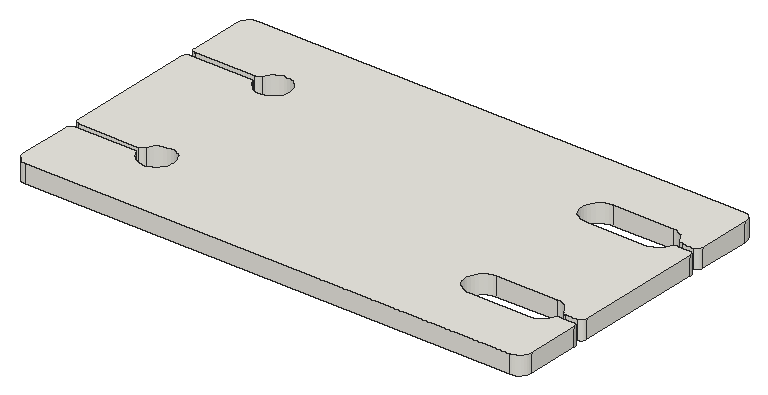
Revit family "Haworth_Lyda_AlignmentBracket", category Furniture, Revit 2018
Family settings
  OmniClass Number = 23.40.70.14.64.21
  OmniClass Title = Systems Furniture
  Work Plane-Based = No
  Always vertical = Yes
  Cut with Voids When Loaded = No
  Shared = No
  Room Calculation Point = No
Parameters (values of type "Bracket")
  Warranty = "http://www.haworth.com/resources/product-info/warranties"
  URL - Product = "https://www.haworth.com/na/en/products/lounge-sofas/ottomans/lydalounge.html"
  URL = "www.haworth.com"
  Sustainability Info = "https://www.haworth.com/company-info/sustainability"
  Standard Width = "3 in."  # constant formula
  Standard Depth = "5 in."  # constant formula
  Size = "Verify Final Dim. w/ Haworth"  # constant formula
  Revision Number = "1"  # constant formula
  Model = "HCCL-LYA"  # constant formula
  Manufacturer = "Haworth"  # constant formula
  Description = "Haworth - Lyda - Alignment Bracket"  # constant formula
  Bracket Finish [instance] = Haworth _ Paint _ Smooth Plaster
  Author = "Haworth (Abd Rahman)"  # constant formula
  Assembly Code = "E2020200"
  Actual Width = 5 1/4"  # constant formula
  Actual Height = 3" / 16  # 3/16"
  Actual Depth = 3"  # constant formula
Reference planes (in)
  plane 1: z = 0
  plane 2 "Center L/R": x = -6.17556
  plane 3 "Center F/B": y = -11.5
  plane 4 "Top": z = 0.1875
  plane 5 "Back": y = -10
  plane 6 "Front": y = -13
  plane 7 "Right": x = -3.55056
  plane 8 "Left": x = -8.80056
Forms (in)
  Extrusion 1, solid, material "Haworth _ Paint _ Smooth Plaster" <- "Bracket Finish"
    sketch origin (0, 0, 0) x (1, 0, 0) y (0, 1, 0)
      loop
        line (-3.67556, -10) -> (-8.67357, -10)
        arc (-8.67357, -10) -> (-8.76337, -10.03719) -> (-8.80056, -10.12698) r 0.12698
        line (-8.80056, -10.12698) -> (-8.80056, -10.66925)
        arc (-8.80056, -10.66925) -> (-8.78606, -10.70425) -> (-8.75105, -10.71875) r 0.0495
        line (-8.75105, -10.71875) -> (-8.13501, -10.71875)
        arc (-8.13501, -10.71875) -> (-8.10716, -10.7101) -> (-8.08911, -10.6872) r 0.04916
        arc (-8.08911, -10.6872) -> (-7.75004, -10.74957) -> (-8.0888, -10.81361) r 0.17535
        arc (-8.0888, -10.81361) -> (-8.10746, -10.79011) -> (-8.13612, -10.78125) r 0.05078
        line (-8.13612, -10.78125) -> (-8.75116, -10.78125)
        arc (-8.75116, -10.78125) -> (-8.78609, -10.79572) -> (-8.80056, -10.83064) r 0.04939
        line (-8.80056, -10.83064) -> (-8.80056, -12.1699)
        arc (-8.80056, -12.1699) -> (-8.78625, -12.20444) -> (-8.7517, -12.21875) r 0.04885
        line (-8.7517, -12.21875) -> (-8.13559, -12.21875)
        arc (-8.13559, -12.21875) -> (-8.10774, -12.2101) -> (-8.08969, -12.1872) r 0.04916
        arc (-8.08969, -12.1872) -> (-7.75062, -12.24957) -> (-8.08938, -12.31361) r 0.17535
        arc (-8.08938, -12.31361) -> (-8.10803, -12.29011) -> (-8.1367, -12.28125) r 0.05078
        line (-8.1367, -12.28125) -> (-8.74962, -12.28125)
        arc (-8.74962, -12.28125) -> (-8.78564, -12.29617) -> (-8.80056, -12.33219) r 0.05094
        line (-8.80056, -12.33219) -> (-8.80056, -12.875)
        arc (-8.80056, -12.875) -> (-8.76395, -12.96339) -> (-8.67556, -13) r 0.125
        line (-8.67556, -13) -> (-3.67556, -13)
        arc (-3.67556, -13) -> (-3.58717, -12.96339) -> (-3.55056, -12.875) r 0.125
        line (-3.55056, -12.875) -> (-3.55056, -12.33074)
        arc (-3.55056, -12.33074) -> (-3.56505, -12.29575) -> (-3.60005, -12.28125) r 0.04949
        line (-3.60005, -12.28125) -> (-3.72463, -12.28125)
        arc (-3.72463, -12.28125) -> (-3.75452, -12.29046) -> (-3.77404, -12.3149) r 0.0531
        arc (-3.77404, -12.3149) -> (-3.78533, -12.33833) -> (-3.79993, -12.35987) r 0.177
        arc (-3.79993, -12.35987) -> (-3.86073, -12.40802) -> (-3.93637, -12.4252) r 0.17515
        line (-3.93637, -12.4252) -> (-4.56014, -12.4252)
        arc (-4.56014, -12.4252) -> (-4.73534, -12.25) -> (-4.56014, -12.0748) r 0.1752
        line (-4.56014, -12.0748) -> (-3.93637, -12.0748)
        arc (-3.93637, -12.0748) -> (-3.86071, -12.092) -> (-3.79993, -12.14023) r 0.17499
        arc (-3.79993, -12.14023) -> (-3.7851, -12.16181) -> (-3.77366, -12.18535) r 0.17539
        arc (-3.77366, -12.18535) -> (-3.7542, -12.20961) -> (-3.72447, -12.21875) r 0.05291
        line (-3.72447, -12.21875) -> (-3.60038, -12.21875)
        arc (-3.60038, -12.21875) -> (-3.56515, -12.20416) -> (-3.55056, -12.16892) r 0.04983
        line (-3.55056, -12.16892) -> (-3.55056, -10.83226)
        arc (-3.55056, -10.83226) -> (-3.5655, -10.79619) -> (-3.60157, -10.78125) r 0.05101
        line (-3.60157, -10.78125) -> (-3.72277, -10.78125)
        arc (-3.72277, -10.78125) -> (-3.75266, -10.79046) -> (-3.77218, -10.8149) r 0.0531
        arc (-3.77218, -10.8149) -> (-3.78346, -10.83834) -> (-3.79806, -10.85987) r 0.177
        arc (-3.79806, -10.85987) -> (-3.85886, -10.90802) -> (-3.9345, -10.9252) r 0.17515
        line (-3.9345, -10.9252) -> (-4.55828, -10.9252)
        arc (-4.55828, -10.9252) -> (-4.73347, -10.75) -> (-4.55828, -10.5748) r 0.1752
        line (-4.55828, -10.5748) -> (-3.9345, -10.5748)
        arc (-3.9345, -10.5748) -> (-3.85884, -10.592) -> (-3.79806, -10.64023) r 0.17499
        arc (-3.79806, -10.64023) -> (-3.78323, -10.66181) -> (-3.77179, -10.68535) r 0.17539
        arc (-3.77179, -10.68535) -> (-3.75233, -10.70961) -> (-3.72261, -10.71875) r 0.05291
        line (-3.72261, -10.71875) -> (-3.60028, -10.71875)
        arc (-3.60028, -10.71875) -> (-3.56512, -10.70419) -> (-3.55056, -10.66903) r 0.04972
        line (-3.55056, -10.66903) -> (-3.55056, -10.125)
        arc (-3.55056, -10.125) -> (-3.58717, -10.03661) -> (-3.67556, -10) r 0.125
    from 0 to 0.1875
Lines and regions (in)
  Masking region 1
    outline origin (0, 0, 0) x (1, 0, 0) y (0, 1, 0)
      loop
        line (-3.67556, -10) -> (-8.67357, -10)
        arc (-8.67357, -10) -> (-8.76337, -10.03719) -> (-8.80056, -10.12698) r 0.12698
        line (-8.80056, -10.12698) -> (-8.80056, -10.66925)
        arc (-8.80056, -10.66925) -> (-8.78606, -10.70425) -> (-8.75105, -10.71875) r 0.0495
        line (-8.75105, -10.71875) -> (-8.13501, -10.71875)
        arc (-8.13501, -10.71875) -> (-8.10716, -10.7101) -> (-8.08911, -10.6872) r 0.04916
        arc (-8.08911, -10.6872) -> (-7.75004, -10.74957) -> (-8.0888, -10.81361) r 0.17535
        arc (-8.0888, -10.81361) -> (-8.10746, -10.79011) -> (-8.13612, -10.78125) r 0.05078
        line (-8.13612, -10.78125) -> (-8.75116, -10.78125)
        arc (-8.75116, -10.78125) -> (-8.78609, -10.79572) -> (-8.80056, -10.83064) r 0.04939
        line (-8.80056, -10.83064) -> (-8.80056, -12.1699)
        arc (-8.80056, -12.1699) -> (-8.78625, -12.20444) -> (-8.7517, -12.21875) r 0.04885
        line (-8.7517, -12.21875) -> (-8.13559, -12.21875)
        arc (-8.13559, -12.21875) -> (-8.10774, -12.2101) -> (-8.08969, -12.1872) r 0.04916
        arc (-8.08969, -12.1872) -> (-7.75062, -12.24957) -> (-8.08938, -12.31361) r 0.17535
        arc (-8.08938, -12.31361) -> (-8.10803, -12.29011) -> (-8.1367, -12.28125) r 0.05078
        line (-8.1367, -12.28125) -> (-8.74962, -12.28125)
        arc (-8.74962, -12.28125) -> (-8.78564, -12.29617) -> (-8.80056, -12.33219) r 0.05094
        line (-8.80056, -12.33219) -> (-8.80056, -12.875)
        arc (-8.80056, -12.875) -> (-8.76395, -12.96339) -> (-8.67556, -13) r 0.125
        line (-8.67556, -13) -> (-3.67556, -13)
        arc (-3.67556, -13) -> (-3.58717, -12.96339) -> (-3.55056, -12.875) r 0.125
        line (-3.55056, -12.875) -> (-3.55056, -12.33074)
        arc (-3.55056, -12.33074) -> (-3.56505, -12.29575) -> (-3.60005, -12.28125) r 0.04949
        line (-3.60005, -12.28125) -> (-3.72463, -12.28125)
        arc (-3.72463, -12.28125) -> (-3.75452, -12.29046) -> (-3.77404, -12.3149) r 0.0531
        arc (-3.77404, -12.3149) -> (-3.78533, -12.33833) -> (-3.79993, -12.35987) r 0.177
        arc (-3.79993, -12.35987) -> (-3.86073, -12.40802) -> (-3.93637, -12.4252) r 0.17515
        line (-3.93637, -12.4252) -> (-4.56014, -12.4252)
        arc (-4.56014, -12.4252) -> (-4.73534, -12.25) -> (-4.56014, -12.0748) r 0.1752
        line (-4.56014, -12.0748) -> (-3.93637, -12.0748)
        arc (-3.93637, -12.0748) -> (-3.86071, -12.092) -> (-3.79993, -12.14023) r 0.17499
        arc (-3.79993, -12.14023) -> (-3.7851, -12.16181) -> (-3.77366, -12.18535) r 0.17539
        arc (-3.77366, -12.18535) -> (-3.7542, -12.20961) -> (-3.72447, -12.21875) r 0.05291
        line (-3.72447, -12.21875) -> (-3.60038, -12.21875)
        arc (-3.60038, -12.21875) -> (-3.56515, -12.20416) -> (-3.55056, -12.16892) r 0.04983
        line (-3.55056, -12.16892) -> (-3.55056, -10.83226)
        arc (-3.55056, -10.83226) -> (-3.5655, -10.79619) -> (-3.60157, -10.78125) r 0.05101
        line (-3.60157, -10.78125) -> (-3.72277, -10.78125)
        arc (-3.72277, -10.78125) -> (-3.75266, -10.79046) -> (-3.77218, -10.8149) r 0.0531
        arc (-3.77218, -10.8149) -> (-3.78346, -10.83834) -> (-3.79806, -10.85987) r 0.177
        arc (-3.79806, -10.85987) -> (-3.85886, -10.90802) -> (-3.9345, -10.9252) r 0.17515
        line (-3.9345, -10.9252) -> (-4.55828, -10.9252)
        arc (-4.55828, -10.9252) -> (-4.73347, -10.75) -> (-4.55828, -10.5748) r 0.1752
        line (-4.55828, -10.5748) -> (-3.9345, -10.5748)
        arc (-3.9345, -10.5748) -> (-3.85884, -10.592) -> (-3.79806, -10.64023) r 0.17499
        arc (-3.79806, -10.64023) -> (-3.78323, -10.66181) -> (-3.77179, -10.68535) r 0.17539
        arc (-3.77179, -10.68535) -> (-3.75233, -10.70961) -> (-3.72261, -10.71875) r 0.05291
        line (-3.72261, -10.71875) -> (-3.60028, -10.71875)
        arc (-3.60028, -10.71875) -> (-3.56512, -10.70419) -> (-3.55056, -10.66903) r 0.04972
        line (-3.55056, -10.66903) -> (-3.55056, -10.125)
        arc (-3.55056, -10.125) -> (-3.58717, -10.03661) -> (-3.67556, -10) r 0.125
Dimensions and locks (in)
  equal spacing: plane 8 "Left", plane 2 "Center L/R", plane 7 "Right"
  "Actual Width": plane 8 "Left" to plane 7 "Right"
  equal spacing: plane 5 "Back", plane 3 "Center F/B", plane 6 "Front"
  "Actual Depth": plane 5 "Back" to plane 6 "Front"
  "Actual Height": plane 4 "Top" to plane 1
  aligned and locked: plane 4 "Top" to Extrusion 1
Automatic sketch dimensions
  Extrusion 1 sketch curve to plane 8 "Left" = 0"  (x3)
  Extrusion 1 sketch curve to plane 6 "Front" = 0"
  Extrusion 1 sketch curve to plane 5 "Back" = 0"
  Extrusion 1 sketch curve to plane 7 "Right" = 0"  (x3)
  plane 8 "Left" to Extrusion 1 sketch curve = 0.04885"
  plane 8 "Left" to Extrusion 1 sketch curve = 0.04939"
  plane 8 "Left" to Extrusion 1 sketch curve = 0.0495"
  Extrusion 1 sketch curve to Extrusion 1 sketch curve = 0.05094"
  plane 8 "Left" to Extrusion 1 sketch curve = 1/8"
  plane 8 "Left" to Extrusion 1 sketch curve = 0.12698"
  Extrusion 1 sketch curve to Extrusion 1 sketch curve = 0.61292"
  Extrusion 1 sketch curve to Extrusion 1 sketch curve = 0.61504"
  Extrusion 1 sketch curve to Extrusion 1 sketch curve = 0.00111"  (x2)
  Extrusion 1 sketch curve to Extrusion 1 sketch curve = 0.20962"  (x2)
  plane 6 "Front" to Extrusion 1 sketch curve = 0.5748"
  Extrusion 1 sketch curve to plane 7 "Right" = 1.00959"
  Extrusion 1 sketch curve to plane 7 "Right" = 1.00772"
  Extrusion 1 sketch curve to plane 7 "Right" = 0.38817"
  Extrusion 1 sketch curve to plane 7 "Right" = 0.38631"
  Extrusion 1 sketch curve to Extrusion 1 sketch curve = 0.00205"  (x2)
  Extrusion 1 sketch curve to Extrusion 1 sketch curve = 0.00031"  (x2)
  Extrusion 1 sketch curve to Extrusion 1 sketch curve = 0"  (x10)
  Extrusion 1 sketch curve to plane 7 "Right" = 0.17408"
  Extrusion 1 sketch curve to Extrusion 1 sketch curve = 0.00016"  (x2)
  Extrusion 1 sketch curve to plane 7 "Right" = 0.17221"
  Extrusion 1 sketch curve to plane 7 "Right" = 1/8"
  Extrusion 1 sketch curve to plane 5 "Back" = 1/8"
  Extrusion 1 sketch curve to plane 7 "Right" = 0.05101"
  Extrusion 1 sketch curve to plane 7 "Right" = 0.04983"
  Extrusion 1 sketch curve to plane 7 "Right" = 0.04972"
  Extrusion 1 sketch curve to plane 7 "Right" = 0.04949"
  Extrusion 1 sketch curve to Extrusion 1 sketch curve = 0.09085"  (x2)
  Extrusion 1 sketch curve to Extrusion 1 sketch curve = 0.54281"
  Extrusion 1 sketch curve to Extrusion 1 sketch curve = 13/256"
  Extrusion 1 sketch curve to Extrusion 1 sketch curve = 0.00361"
  Extrusion 1 sketch curve to Extrusion 1 sketch curve = 0.17515"  (x2)
  Extrusion 1 sketch curve to Extrusion 1 sketch curve = 1/32"  (x2)
  Extrusion 1 sketch curve to Extrusion 1 sketch curve = 0.1752"  (x2)
  Extrusion 1 sketch curve to Extrusion 1 sketch curve = 0.00025"  (x2)
  Extrusion 1 sketch curve to Extrusion 1 sketch curve = 1/16"  (x4)
  Extrusion 1 sketch curve to Extrusion 1 sketch curve = 0.04916"  (x2)
  Extrusion 1 sketch curve to Extrusion 1 sketch curve = 0.05291"  (x2)
  Extrusion 1 sketch curve to plane 3 "Center F/B" = 0.5748"
  Extrusion 1 sketch curve to Extrusion 1 sketch curve = 0.00209"
  Extrusion 1 sketch curve to plane 3 "Center F/B" = 171/256"
  Extrusion 1 sketch curve to Extrusion 1 sketch curve = 0.00139"
  Extrusion 1 sketch curve to Extrusion 1 sketch curve = 0.02588"  (x2)
  Masking region 1 sketch curve to plane 8 "Left" = 0"  (x3)
  Masking region 1 sketch curve to plane 6 "Front" = 0"
  Masking region 1 sketch curve to plane 5 "Back" = 0"
  Masking region 1 sketch curve to plane 7 "Right" = 0"  (x3)
  Masking region 1 sketch curve to plane 7 "Right" = 1/8"  (x2)
  plane 8 "Left" to Masking region 1 sketch curve = 0.12698"
  plane 6 "Front" to Masking region 1 sketch curve = 1/8"
  Masking region 1 sketch curve to Masking region 1 sketch curve = 0.54281"
  Masking region 1 sketch curve to Masking region 1 sketch curve = 0.54426"
  Masking region 1 sketch curve to Masking region 1 sketch curve = 0.16229"
  Masking region 1 sketch curve to Masking region 1 sketch curve = 0.16182"
  Masking region 1 sketch curve to plane 3 "Center F/B" = 0.66774"
  Masking region 1 sketch curve to plane 3 "Center F/B" = 0.66936"
  Masking region 1 sketch curve to Masking region 1 sketch curve = 0.1614"
  Masking region 1 sketch curve to Masking region 1 sketch curve = 0.16323"
  Masking region 1 sketch curve to plane 7 "Right" = 0.04972"
  Masking region 1 sketch curve to Masking region 1 sketch curve = 0.12233"
  Masking region 1 sketch curve to Masking region 1 sketch curve = 0.05291"
  Masking region 1 sketch curve to Masking region 1 sketch curve = 0.04918"
  Masking region 1 sketch curve to Masking region 1 sketch curve = 0.16303"
  Masking region 1 sketch curve to Masking region 1 sketch curve = 0.00031"  (x3)
  Masking region 1 sketch curve to Masking region 1 sketch curve = 0.00025"  (x2)
  Masking region 1 sketch curve to Masking region 1 sketch curve = 0.02627"  (x2)
  Masking region 1 sketch curve to Masking region 1 sketch curve = 0"  (x11)
  Masking region 1 sketch curve to Masking region 1 sketch curve = 0.62377"  (x2)
  Masking region 1 sketch curve to Masking region 1 sketch curve = 0.13644"
  Masking region 1 sketch curve to Masking region 1 sketch curve = 0.00205"
  Masking region 1 sketch curve to Masking region 1 sketch curve = 0.07529"
  Masking region 1 sketch curve to Masking region 1 sketch curve = 0.02552"
  Masking region 1 sketch curve to plane 7 "Right" = 0.05101"
  Masking region 1 sketch curve to plane 7 "Right" = 0.04949"
  Masking region 1 sketch curve to Masking region 1 sketch curve = 0.12458"
  Masking region 1 sketch curve to Masking region 1 sketch curve = 0.0531"
  Masking region 1 sketch curve to Masking region 1 sketch curve = 0.04941"
  Masking region 1 sketch curve to Masking region 1 sketch curve = 0.00236"
  Masking region 1 sketch curve to Masking region 1 sketch curve = 0.02588"
  Masking region 1 sketch curve to Masking region 1 sketch curve = 0.00016"
  Masking region 1 sketch curve to Masking region 1 sketch curve = 0.11541"
  Masking region 1 sketch curve to Masking region 1 sketch curve = 0.07545"
  Masking region 1 sketch curve to plane 7 "Right" = 0.04983"
  Masking region 1 sketch curve to Masking region 1 sketch curve = 0.04885"
  Masking region 1 sketch curve to Masking region 1 sketch curve = 0.05094"
  Masking region 1 sketch curve to Masking region 1 sketch curve = 0.61292"
  Masking region 1 sketch curve to Masking region 1 sketch curve = 0.00111"  (x2)
  Masking region 1 sketch curve to Masking region 1 sketch curve = 0.04916"  (x2)
  Masking region 1 sketch curve to Masking region 1 sketch curve = 0.0459"
  Masking region 1 sketch curve to Masking region 1 sketch curve = 0.16372"
  Masking region 1 sketch curve to Masking region 1 sketch curve = 0.04732"  (x2)
  plane 8 "Left" to Masking region 1 sketch curve = 0.0495"
  Masking region 1 sketch curve to Masking region 1 sketch curve = 0.61605"
  Masking region 1 sketch curve to Masking region 1 sketch curve = 0.04939"
  Masking region 1 sketch curve to Masking region 1 sketch curve = 0.20962"
  Masking region 1 sketch curve to Masking region 1 sketch curve = 1/32"
